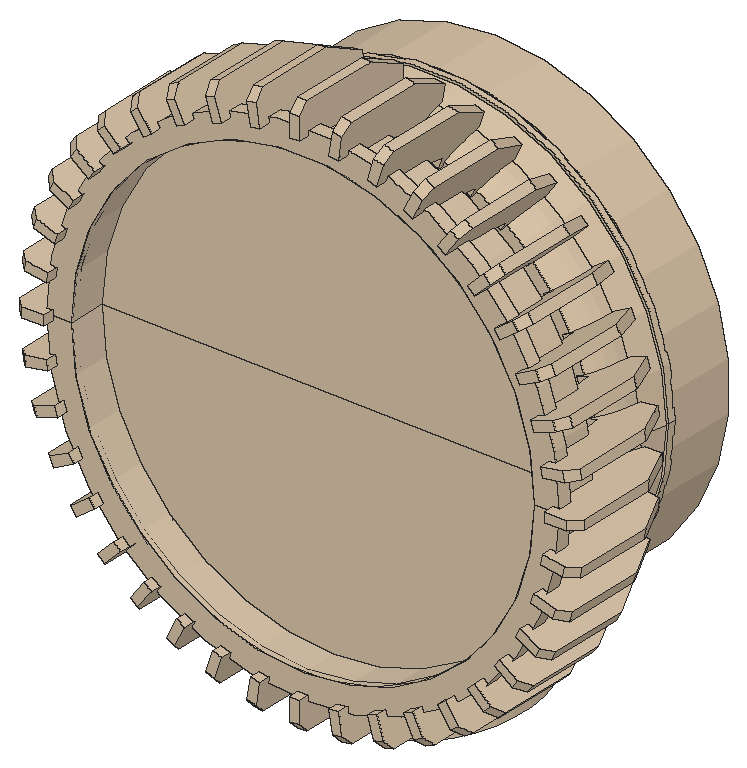
Revit family "KHL_Kemlu-Wall_Mount", category Lighting Fixtures, host Face, Revit 2021
Family settings
  Host = Face
  Round Connector Dimension = Use Diameter
  Part Type = Normal
  OmniClass Number = 23.80.70.14
  OmniClass Title = Luminaries for External Lighting
  Cut with Voids When Loaded = No
  Light Source = Yes
  Shared = No
  Room Calculation Point = No
Parameters (values of type "KHL-18L-X-5K-5M")
  Wattage Comments = "43 Watts, 18 LEDs"
  Wattage = 43 W
  Watt = 43 W
  built-in parameter 1150110 = 1 (stored number, unit not read)
  Voltage = 277 V
  URL = "www.currentlighting.com/columbialighting"
  built-in parameter 1114217 = 1 (stored number, unit not read)
  Tilt Angle = -90.00°
  built-in parameter 1150109 = 1 (stored number, unit not read)
  built-in parameter 1150134 = 2
  built-in parameter 1150113 = 1 (stored number, unit not read)
  Product Page URL = ""
  Product Documentation Link = ""
  Power Factor = 1
  Photometric Web File = "KXL-18L-X-5K-5M.ies"
  Optics = "Type V Square"
  Model = "KHL - Kemlux III LED"  # constant formula
  Material Finish = Tan
  Manufacturer = "Columbia Lighting"  # constant formula
  built-in parameter 1150105 = 345.6 (stored number, unit not read)
  Lumens = 4343 lm
  built-in parameter 1150115 = 1 (stored number, unit not read)
  Load Classification = Lighting
  built-in parameter 1150137 = (empty or 0)
  built-in parameter 1150139 = (empty or 0)
  built-in parameter 1150112 = 1 (stored number, unit not read)
  built-in parameter 1150114 = 1 (stored number, unit not read)
  Lamp = "18 High Performanc LEDs"
  built-in parameter 1150132 = (empty or 0)
  built-in parameter 1150102 = (empty or 0)
  built-in parameter 1150107 = 5000 (stored number, unit not read)
  built-in parameter 1150138 = (empty or 0)
  built-in parameter 1150106 = 3.456 (stored number, unit not read)
  Glass = White Glass
  Emit from Circle Diameter = 0' - 11"
  Emit Shape Visible in Rendering = no
  built-in parameter 1150104 = 9.3832 (stored number, unit not read)
  Dimming Lamp Color Temperature Shift = <None>
  Description = "Class I, Division 2 LED Fixture Series"  # constant formula
  Default Elevation = 4' - 0"
  Color Filter = 16777215
  built-in parameter 1114218 = 1 (stored number, unit not read)
  built-in parameter 1150133 = 10 (stored number, unit not read)
  Apparent Load = Watt / Power Factor  # 43 VA
Reference planes (in)
  plane 1 "Center (Front/Back)": y = 0
  plane 2: z = 0
  plane 3 "Center (Left/Right)": x = 0
  plane 4: y = 1.125
  plane 5: y = -0.625
  plane 6: y = 2.5
  plane 7: y = -2.5
  plane 8: z = 1
  plane 9: z = 8.5
  plane 10: x = -1.25
  plane 11: x = 1.25
  plane 12: x = -0.5
  plane 13: x = 0.5
Forms (in)
  Extrusion 1, solid, material "Tan" <- "Material Finish"
    sketch origin (0, 0, 0) x (1, 0, 0) y (0, 1, 0)
      loop
        spline (0, -2.5) -> (0.42151, -2.41481) -> (0.8143, -2.16506) -> (1.1516, -1.76777) -> (1.41042, -1.25) -> (1.57311, -0.64705) -> (1.62861, 0) -> (1.57311, 0.64705) -> (1.41042, 1.25) -> (1.1516, 1.76777) -> (0.8143, 2.16506) -> (0.42151, 2.41481) -> (0, 2.5)
        spline (0, 2.5) -> (-0.42151, 2.41481) -> (-0.8143, 2.16506) -> (-1.1516, 1.76777) -> (-1.41042, 1.25) -> (-1.57311, 0.64705) -> (-1.62861, 0) -> (-1.57311, -0.64705) -> (-1.41042, -1.25) -> (-1.1516, -1.76777) -> (-0.8143, -2.16506) -> (-0.42151, -2.41481) -> (0, -2.5)
    from 0 to 1
  Extrusion 2, solid, material "Tan" <- "Material Finish"
    sketch origin (0, 0, 0) x (1, 0, 0) y (0, 0, 1)
      loop
        arc (1.25, 2.63165) -> (0, 14.5) -> (-1.25, 2.63165) r 6
        line (-1.25, 2.63165) -> (-1.25, 1) -> (1.25, 1) -> (1.25, 2.63165)
    from 0.625 to -1.125
  Extrusion 3, solid, material "Tan" <- "Material Finish"
    sketch origin (0, 0, 0) x (0, 1, 0) y (0, 0, 1)
      loop
        line (-0.625, 2.25) -> (-1.875, 1) -> (-0.625, 1) -> (-0.625, 2.25)
    from 0.5 to -0.5
Lines and regions (in)
  reference lines
    curve 1: line (-5.55547, 0, 5.53932) -> (10.19453, 0, 5.53932)
    curve 2: line (7.29478, 0, 7.53677) -> (-0.62911, 0, -2.76915)
Dimensions and locks (in)
  equal spacing: plane 6, plane 1 "Center (Front/Back)", plane 7, locked at 2.5 each
  locked: plane 8 to plane 2 at 1
  locked: plane 4 to plane 5 at 1.75
  locked: plane 4 to plane 1 "Center (Front/Back)" at 1.125
  plane 1 "Center (Front/Back)" to plane 6 = 0' - 2 1/2"
  locked: plane 9 to plane 8 at 7.5
  equal spacing: plane 11, plane 3 "Center (Left/Right)", plane 10, locked at 1.25 each
  equal spacing: plane 13, plane 3 "Center (Left/Right)", plane 12, locked at 0.5 each
  radius of Extrusion 2 sketch curve = 0' - 6"
  aligned and locked: plane 2 to host face
  aligned and locked: level to host face
  aligned and locked: plane 1 "Center (Front/Back)" to Extrusion 1 sketch curve
  aligned and locked: plane 3 "Center (Left/Right)" to Extrusion 1 sketch curve
  aligned and locked: plane 8 to Extrusion 1
  aligned and locked: Extrusion 1 to plane 2
  aligned and locked: plane 3 "Center (Left/Right)" to Extrusion 2 sketch curve
  aligned and locked: Extrusion 2 sketch curve to plane 8
  aligned and locked: plane 4 to Extrusion 2
  aligned and locked: plane 5 to Extrusion 2
  aligned and locked: plane 9 to Extrusion 2 sketch curve
  aligned and locked: Extrusion 2 sketch curve to plane 10
  aligned and locked: plane 11 to Extrusion 2 sketch curve
  aligned and locked: plane 3 "Center (Left/Right)" to nested 1
  aligned and locked: nested 1 to plane 9
  aligned and locked: Extrusion 3 to plane 12
  aligned and locked: Extrusion 3 to plane 13
  aligned and locked: plane 9 to imposter light
  aligned and locked: imposter light to nested 1
  aligned and locked: imposter light to plane 3 "Center (Left/Right)"
Automatic sketch dimensions
  host sketch curve to host sketch curve = 8' - 0"  (x2)
  curve 1 to plane 3 "Center (Left/Right)" = 0' - 5.55547"
  curve 2 to plane 3 "Center (Left/Right)" = 0' - 0.62911"
  curve 2 to level = 0' - 2.76915"
  level to curve 1 = 0' - 5.53932"
  curve 1 to curve 2 = 0' - 1.99745"
  plane 3 "Center (Left/Right)" to curve 2 = 0' - 7.29478"
  curve 2 to curve 1 = 0' - 2.89976"
  plane 7 to Extrusion 1 sketch curve = 0' - 0"
  Extrusion 3 sketch curve to plane 8 = 0' - 0"
  Extrusion 3 sketch curve to plane 7 = 0' - 0 5/8"
  Extrusion 3 sketch curve to plane 5 = 0' - 0"
  plane 8 to Extrusion 3 sketch curve = 0' - 1 1/4"
Nested families (in)
  nested 1: "KHL" at (0, -0.625, 8.5) x (1, 0, 0) z (0, -1, 0), type "KHL"
Connectors (in)
  electrical at (0, 0, 0), driven by "Load Classification", driven by "Voltage", driven by "Apparent Load", driven by "Power Factor"
    settings: on Extrusion 1, index 1, voltage 277 V, apparent load 43 VA, apparent load phase1 0 VA, apparent load phase2 0 VA, apparent load phase3 0 VA, power factor 1, load classification "Lighting", number of poles 1, system type 30, power factor state 1, is connector primary yes, connector utility no, sub classification motor no, connector description "Lighting Connector"
Definition of nested family "KHL"
  Parameters
    Wattage Comments = ""
    URL = ""
    Model = ""
    Material Finish = none
    Manufacturer = ""
    Lamp = ""
    IES FILE LINK = ""
    Glass = none
    Description = ""
    Default Elevation = 4' - 0"
    Apparent Load = 0 VA
  Reference planes (in)
    plane 1 "Center (Front/Back)": y = 0
    plane 2: z = 0
    plane 3 "Center (Left/Right)": x = 0
    plane 4: x = -7.25
    plane 5: x = 7.25
    plane 6: x = -5.5
    plane 7: x = 5.5
  Forms (in)
    Extrusion 1, solid
      sketch origin (0, 0, 0) x (1, 0, 0) y (0, 1, 0)
        loop
          line (-48, 48) -> (-48, -48) -> (48, -48) -> (48, 48) -> (-48, 48)
      from 0 to -12
    Revolve 2, solid, material <- "Material Finish"
      sketch origin (0, 0, -1.3125) x (1, 0, 0) y (0, 0, 1)
        loop
          line (5.73742, 2.6875) -> (6.24933, 2.6875)
          arc (6.24933, 2.6875) -> (6.15662, 3.19814) -> (5.89032, 3.6436) r 1.45262
          line (5.89032, 3.6436) -> (5.5, 3.6436) -> (5.5, 4.37254) -> (6.34375, 4.37254) -> (6.34375, 5.37007) -> (6.59375, 5.37007) -> (6.59375, 5.71977) -> (5.95302, 5.71977) -> (5.95302, 4.75) -> (0, 4.75) -> (0, 1.3125) -> (6, 1.3125) -> (6, 1.47979) -> (5.5, 1.47979) -> (5.5, 1.5625) -> (5.99031, 1.5625) -> (5.73742, 2.6875)
        axis (0, 5.71977) -> (0, 1.3125)
      angle from 0 to 360
    Extrusion 3, solid, material <- "Glass"
      sketch origin (0, 0, -1.3125) x (1, 0, 0) y (0, 1, 0)
        loop
          circle (0, 0) r 5.95302
      from 5.71977 to 5.56262
    Extrusion 4, solid, material <- "Material Finish"
      sketch origin (0, 0, -1.3125) x (1, 0, 0) y (0, 0, 1)
        loop
          line (6.42821, 6) -> (6.42821, 5.66655) -> (6.045, 3.7335) -> (5.75, 3.7335) -> (5.75, 3.06247) -> (6.1875, 3.06247) -> (6.31956, 2.66852) -> (6.75, 2.66852) -> (7.25, 3.69367) -> (7.25, 5.75) -> (7, 6) -> (6.42821, 6)
      from 0.125 to -0.125
    Extrusion 5, solid, material <- "Material Finish"
      sketch origin (0, 0, -1.3125) x (0.987688, -0.156434, 0) y (0, 0, 1)
        loop
          line (6.42821, 6) -> (6.42821, 5.66655) -> (6.045, 3.7335) -> (5.75, 3.7335) -> (5.75, 3.06247) -> (6.1875, 3.06247) -> (6.31956, 2.66852) -> (6.75, 2.66852) -> (7.25, 3.69367) -> (7.25, 5.75) -> (7, 6) -> (6.42821, 6)
      from 0.125 to -0.125
    Extrusion 6, solid, material <- "Material Finish"
      sketch origin (0, 0, -1.3125) x (0.951057, -0.309017, 0) y (0, 0, 1)
        loop
          line (6.42821, 6) -> (6.42821, 5.66655) -> (6.045, 3.7335) -> (5.75, 3.7335) -> (5.75, 3.06247) -> (6.1875, 3.06247) -> (6.31956, 2.66852) -> (6.75, 2.66852) -> (7.25, 3.69367) -> (7.25, 5.75) -> (7, 6) -> (6.42821, 6)
      from 0.125 to -0.125
    Extrusion 7, solid, material <- "Material Finish"
      sketch origin (0, 0, -1.3125) x (0.891007, -0.45399, 0) y (0, 0, 1)
        loop
          line (6.42821, 6) -> (6.42821, 5.66655) -> (6.045, 3.7335) -> (5.75, 3.7335) -> (5.75, 3.06247) -> (6.1875, 3.06247) -> (6.31956, 2.66852) -> (6.75, 2.66852) -> (7.25, 3.69367) -> (7.25, 5.75) -> (7, 6) -> (6.42821, 6)
      from 0.125 to -0.125
    Extrusion 8, solid, material <- "Material Finish"
      sketch origin (0, 0, -1.3125) x (0.809017, -0.587785, 0) y (0, 0, 1)
        loop
          line (6.42821, 6) -> (6.42821, 5.66655) -> (6.045, 3.7335) -> (5.75, 3.7335) -> (5.75, 3.06247) -> (6.1875, 3.06247) -> (6.31956, 2.66852) -> (6.75, 2.66852) -> (7.25, 3.69367) -> (7.25, 5.75) -> (7, 6) -> (6.42821, 6)
      from 0.125 to -0.125
    Extrusion 9, solid, material <- "Material Finish"
      sketch origin (0, 0, -1.3125) x (0.707107, -0.707107, 0) y (0, 0, 1)
        loop
          line (6.42821, 6) -> (6.42821, 5.66655) -> (6.045, 3.7335) -> (5.75, 3.7335) -> (5.75, 3.06247) -> (6.1875, 3.06247) -> (6.31956, 2.66852) -> (6.75, 2.66852) -> (7.25, 3.69367) -> (7.25, 5.75) -> (7, 6) -> (6.42821, 6)
      from 0.125 to -0.125
    Extrusion 10, solid, material <- "Material Finish"
      sketch origin (0, 0, -1.3125) x (0.587785, -0.809017, 0) y (0, 0, 1)
        loop
          line (6.42821, 6) -> (6.42821, 5.66655) -> (6.045, 3.7335) -> (5.75, 3.7335) -> (5.75, 3.06247) -> (6.1875, 3.06247) -> (6.31956, 2.66852) -> (6.75, 2.66852) -> (7.25, 3.69367) -> (7.25, 5.75) -> (7, 6) -> (6.42821, 6)
      from 0.125 to -0.125
    Extrusion 11, solid, material <- "Material Finish"
      sketch origin (0, 0, -1.3125) x (0.45399, -0.891007, 0) y (0, 0, 1)
        loop
          line (6.42821, 6) -> (6.42821, 5.66655) -> (6.045, 3.7335) -> (5.75, 3.7335) -> (5.75, 3.06247) -> (6.1875, 3.06247) -> (6.31956, 2.66852) -> (6.75, 2.66852) -> (7.25, 3.69367) -> (7.25, 5.75) -> (7, 6) -> (6.42821, 6)
      from 0.125 to -0.125
    Extrusion 12, solid, material <- "Material Finish"
      sketch origin (0, 0, -1.3125) x (0.309017, -0.951057, 0) y (0, 0, 1)
        loop
          line (6.42821, 6) -> (6.42821, 5.66655) -> (6.045, 3.7335) -> (5.75, 3.7335) -> (5.75, 3.06247) -> (6.1875, 3.06247) -> (6.31956, 2.66852) -> (6.75, 2.66852) -> (7.25, 3.69367) -> (7.25, 5.75) -> (7, 6) -> (6.42821, 6)
      from 0.125 to -0.125
    Extrusion 13, solid, material <- "Material Finish"
      sketch origin (0, 0, -1.3125) x (0.156434, -0.987688, 0) y (0, 0, 1)
        loop
          line (6.42821, 6) -> (6.42821, 5.66655) -> (6.045, 3.7335) -> (5.75, 3.7335) -> (5.75, 3.06247) -> (6.1875, 3.06247) -> (6.31956, 2.66852) -> (6.75, 2.66852) -> (7.25, 3.69367) -> (7.25, 5.75) -> (7, 6) -> (6.42821, 6)
      from 0.125 to -0.125
    Extrusion 14, solid, material <- "Material Finish"
      sketch origin (0, 0, -1.3125) x (0, -1, 0) y (0, 0, 1)
        loop
          line (6.42821, 6) -> (6.42821, 5.66655) -> (6.045, 3.7335) -> (5.75, 3.7335) -> (5.75, 3.06247) -> (6.1875, 3.06247) -> (6.31956, 2.66852) -> (6.75, 2.66852) -> (7.25, 3.69367) -> (7.25, 5.75) -> (7, 6) -> (6.42821, 6)
      from 0.125 to -0.125
    Extrusion 15, solid, material <- "Material Finish"
      sketch origin (0, 0, -1.3125) x (-0.156434, -0.987688, 0) y (0, 0, 1)
        loop
          line (6.42821, 6) -> (6.42821, 5.66655) -> (6.045, 3.7335) -> (5.75, 3.7335) -> (5.75, 3.06247) -> (6.1875, 3.06247) -> (6.31956, 2.66852) -> (6.75, 2.66852) -> (7.25, 3.69367) -> (7.25, 5.75) -> (7, 6) -> (6.42821, 6)
      from 0.125 to -0.125
    Extrusion 16, solid, material <- "Material Finish"
      sketch origin (0, 0, -1.3125) x (-0.309017, -0.951057, 0) y (0, 0, 1)
        loop
          line (6.42821, 6) -> (6.42821, 5.66655) -> (6.045, 3.7335) -> (5.75, 3.7335) -> (5.75, 3.06247) -> (6.1875, 3.06247) -> (6.31956, 2.66852) -> (6.75, 2.66852) -> (7.25, 3.69367) -> (7.25, 5.75) -> (7, 6) -> (6.42821, 6)
      from 0.125 to -0.125
    Extrusion 17, solid, material <- "Material Finish"
      sketch origin (0, 0, -1.3125) x (-0.45399, -0.891007, 0) y (0, 0, 1)
        loop
          line (6.42821, 6) -> (6.42821, 5.66655) -> (6.045, 3.7335) -> (5.75, 3.7335) -> (5.75, 3.06247) -> (6.1875, 3.06247) -> (6.31956, 2.66852) -> (6.75, 2.66852) -> (7.25, 3.69367) -> (7.25, 5.75) -> (7, 6) -> (6.42821, 6)
      from 0.125 to -0.125
    Extrusion 18, solid, material <- "Material Finish"
      sketch origin (0, 0, -1.3125) x (-0.587785, -0.809017, 0) y (0, 0, 1)
        loop
          line (6.42821, 6) -> (6.42821, 5.66655) -> (6.045, 3.7335) -> (5.75, 3.7335) -> (5.75, 3.06247) -> (6.1875, 3.06247) -> (6.31956, 2.66852) -> (6.75, 2.66852) -> (7.25, 3.69367) -> (7.25, 5.75) -> (7, 6) -> (6.42821, 6)
      from 0.125 to -0.125
    Extrusion 19, solid, material <- "Material Finish"
      sketch origin (0, 0, -1.3125) x (-0.707107, -0.707107, 0) y (0, 0, 1)
        loop
          line (6.42821, 6) -> (6.42821, 5.66655) -> (6.045, 3.7335) -> (5.75, 3.7335) -> (5.75, 3.06247) -> (6.1875, 3.06247) -> (6.31956, 2.66852) -> (6.75, 2.66852) -> (7.25, 3.69367) -> (7.25, 5.75) -> (7, 6) -> (6.42821, 6)
      from 0.125 to -0.125
    Extrusion 20, solid, material <- "Material Finish"
      sketch origin (0, 0, -1.3125) x (-0.809017, -0.587785, 0) y (0, 0, 1)
        loop
          line (6.42821, 6) -> (6.42821, 5.66655) -> (6.045, 3.7335) -> (5.75, 3.7335) -> (5.75, 3.06247) -> (6.1875, 3.06247) -> (6.31956, 2.66852) -> (6.75, 2.66852) -> (7.25, 3.69367) -> (7.25, 5.75) -> (7, 6) -> (6.42821, 6)
      from 0.125 to -0.125
    Extrusion 21, solid, material <- "Material Finish"
      sketch origin (0, 0, -1.3125) x (-0.891007, -0.45399, 0) y (0, 0, 1)
        loop
          line (6.42821, 6) -> (6.42821, 5.66655) -> (6.045, 3.7335) -> (5.75, 3.7335) -> (5.75, 3.06247) -> (6.1875, 3.06247) -> (6.31956, 2.66852) -> (6.75, 2.66852) -> (7.25, 3.69367) -> (7.25, 5.75) -> (7, 6) -> (6.42821, 6)
      from 0.125 to -0.125
    Extrusion 22, solid, material <- "Material Finish"
      sketch origin (0, 0, -1.3125) x (-0.951057, -0.309017, 0) y (0, 0, 1)
        loop
          line (6.42821, 6) -> (6.42821, 5.66655) -> (6.045, 3.7335) -> (5.75, 3.7335) -> (5.75, 3.06247) -> (6.1875, 3.06247) -> (6.31956, 2.66852) -> (6.75, 2.66852) -> (7.25, 3.69367) -> (7.25, 5.75) -> (7, 6) -> (6.42821, 6)
      from 0.125 to -0.125
    Extrusion 23, solid, material <- "Material Finish"
      sketch origin (0, 0, -1.3125) x (-0.987688, -0.156434, 0) y (0, 0, 1)
        loop
          line (6.42821, 6) -> (6.42821, 5.66655) -> (6.045, 3.7335) -> (5.75, 3.7335) -> (5.75, 3.06247) -> (6.1875, 3.06247) -> (6.31956, 2.66852) -> (6.75, 2.66852) -> (7.25, 3.69367) -> (7.25, 5.75) -> (7, 6) -> (6.42821, 6)
      from 0.125 to -0.125
    Extrusion 24, solid, material <- "Material Finish"
      sketch origin (0, 0, -1.3125) x (-1, 0, 0) y (0, 0, 1)
        loop
          line (6.42821, 6) -> (6.42821, 5.66655) -> (6.045, 3.7335) -> (5.75, 3.7335) -> (5.75, 3.06247) -> (6.1875, 3.06247) -> (6.31956, 2.66852) -> (6.75, 2.66852) -> (7.25, 3.69367) -> (7.25, 5.75) -> (7, 6) -> (6.42821, 6)
      from 0.125 to -0.125
    Extrusion 25, solid, material <- "Material Finish"
      sketch origin (0, 0, -1.3125) x (-0.987688, 0.156434, 0) y (0, 0, 1)
        loop
          line (6.42821, 6) -> (6.42821, 5.66655) -> (6.045, 3.7335) -> (5.75, 3.7335) -> (5.75, 3.06247) -> (6.1875, 3.06247) -> (6.31956, 2.66852) -> (6.75, 2.66852) -> (7.25, 3.69367) -> (7.25, 5.75) -> (7, 6) -> (6.42821, 6)
      from 0.125 to -0.125
    Extrusion 26, solid, material <- "Material Finish"
      sketch origin (0, 0, -1.3125) x (-0.951057, 0.309017, 0) y (0, 0, 1)
        loop
          line (6.42821, 6) -> (6.42821, 5.66655) -> (6.045, 3.7335) -> (5.75, 3.7335) -> (5.75, 3.06247) -> (6.1875, 3.06247) -> (6.31956, 2.66852) -> (6.75, 2.66852) -> (7.25, 3.69367) -> (7.25, 5.75) -> (7, 6) -> (6.42821, 6)
      from 0.125 to -0.125
    Extrusion 27, solid, material <- "Material Finish"
      sketch origin (0, 0, -1.3125) x (-0.891007, 0.45399, 0) y (0, 0, 1)
        loop
          line (6.42821, 6) -> (6.42821, 5.66655) -> (6.045, 3.7335) -> (5.75, 3.7335) -> (5.75, 3.06247) -> (6.1875, 3.06247) -> (6.31956, 2.66852) -> (6.75, 2.66852) -> (7.25, 3.69367) -> (7.25, 5.75) -> (7, 6) -> (6.42821, 6)
      from 0.125 to -0.125
    Extrusion 28, solid, material <- "Material Finish"
      sketch origin (0, 0, -1.3125) x (-0.809017, 0.587785, 0) y (0, 0, 1)
        loop
          line (6.42821, 6) -> (6.42821, 5.66655) -> (6.045, 3.7335) -> (5.75, 3.7335) -> (5.75, 3.06247) -> (6.1875, 3.06247) -> (6.31956, 2.66852) -> (6.75, 2.66852) -> (7.25, 3.69367) -> (7.25, 5.75) -> (7, 6) -> (6.42821, 6)
      from 0.125 to -0.125
    Extrusion 29, solid, material <- "Material Finish"
      sketch origin (0, 0, -1.3125) x (-0.707107, 0.707107, 0) y (0, 0, 1)
        loop
          line (6.42821, 6) -> (6.42821, 5.66655) -> (6.045, 3.7335) -> (5.75, 3.7335) -> (5.75, 3.06247) -> (6.1875, 3.06247) -> (6.31956, 2.66852) -> (6.75, 2.66852) -> (7.25, 3.69367) -> (7.25, 5.75) -> (7, 6) -> (6.42821, 6)
      from 0.125 to -0.125
    Extrusion 30, solid, material <- "Material Finish"
      sketch origin (0, 0, -1.3125) x (-0.587785, 0.809017, 0) y (0, 0, 1)
        loop
          line (6.42821, 6) -> (6.42821, 5.66655) -> (6.045, 3.7335) -> (5.75, 3.7335) -> (5.75, 3.06247) -> (6.1875, 3.06247) -> (6.31956, 2.66852) -> (6.75, 2.66852) -> (7.25, 3.69367) -> (7.25, 5.75) -> (7, 6) -> (6.42821, 6)
      from 0.125 to -0.125
    Extrusion 31, solid, material <- "Material Finish"
      sketch origin (0, 0, -1.3125) x (-0.45399, 0.891007, 0) y (0, 0, 1)
        loop
          line (6.42821, 6) -> (6.42821, 5.66655) -> (6.045, 3.7335) -> (5.75, 3.7335) -> (5.75, 3.06247) -> (6.1875, 3.06247) -> (6.31956, 2.66852) -> (6.75, 2.66852) -> (7.25, 3.69367) -> (7.25, 5.75) -> (7, 6) -> (6.42821, 6)
      from 0.125 to -0.125
    Extrusion 32, solid, material <- "Material Finish"
      sketch origin (0, 0, -1.3125) x (-0.309017, 0.951057, 0) y (0, 0, 1)
        loop
          line (6.42821, 6) -> (6.42821, 5.66655) -> (6.045, 3.7335) -> (5.75, 3.7335) -> (5.75, 3.06247) -> (6.1875, 3.06247) -> (6.31956, 2.66852) -> (6.75, 2.66852) -> (7.25, 3.69367) -> (7.25, 5.75) -> (7, 6) -> (6.42821, 6)
      from 0.125 to -0.125
    Extrusion 33, solid, material <- "Material Finish"
      sketch origin (0, 0, -1.3125) x (-0.156434, 0.987688, 0) y (0, 0, 1)
        loop
          line (6.42821, 6) -> (6.42821, 5.66655) -> (6.045, 3.7335) -> (5.75, 3.7335) -> (5.75, 3.06247) -> (6.1875, 3.06247) -> (6.31956, 2.66852) -> (6.75, 2.66852) -> (7.25, 3.69367) -> (7.25, 5.75) -> (7, 6) -> (6.42821, 6)
      from 0.125 to -0.125
    Extrusion 34, solid, material <- "Material Finish"
      sketch origin (0, 0, -1.3125) x (0, 1, 0) y (0, 0, 1)
        loop
          line (6.42821, 6) -> (6.42821, 5.66655) -> (6.045, 3.7335) -> (5.75, 3.7335) -> (5.75, 3.06247) -> (6.1875, 3.06247) -> (6.31956, 2.66852) -> (6.75, 2.66852) -> (7.25, 3.69367) -> (7.25, 5.75) -> (7, 6) -> (6.42821, 6)
      from 0.125 to -0.125
    Extrusion 35, solid, material <- "Material Finish"
      sketch origin (0, 0, -1.3125) x (0.156434, 0.987688, 0) y (0, 0, 1)
        loop
          line (6.42821, 6) -> (6.42821, 5.66655) -> (6.045, 3.7335) -> (5.75, 3.7335) -> (5.75, 3.06247) -> (6.1875, 3.06247) -> (6.31956, 2.66852) -> (6.75, 2.66852) -> (7.25, 3.69367) -> (7.25, 5.75) -> (7, 6) -> (6.42821, 6)
      from 0.125 to -0.125
    Extrusion 36, solid, material <- "Material Finish"
      sketch origin (0, 0, -1.3125) x (0.309017, 0.951057, 0) y (0, 0, 1)
        loop
          line (6.42821, 6) -> (6.42821, 5.66655) -> (6.045, 3.7335) -> (5.75, 3.7335) -> (5.75, 3.06247) -> (6.1875, 3.06247) -> (6.31956, 2.66852) -> (6.75, 2.66852) -> (7.25, 3.69367) -> (7.25, 5.75) -> (7, 6) -> (6.42821, 6)
      from 0.125 to -0.125
    Extrusion 37, solid, material <- "Material Finish"
      sketch origin (0, 0, -1.3125) x (0.45399, 0.891007, 0) y (0, 0, 1)
        loop
          line (6.42821, 6) -> (6.42821, 5.66655) -> (6.045, 3.7335) -> (5.75, 3.7335) -> (5.75, 3.06247) -> (6.1875, 3.06247) -> (6.31956, 2.66852) -> (6.75, 2.66852) -> (7.25, 3.69367) -> (7.25, 5.75) -> (7, 6) -> (6.42821, 6)
      from 0.125 to -0.125
    Extrusion 38, solid, material <- "Material Finish"
      sketch origin (0, 0, -1.3125) x (0.587785, 0.809017, 0) y (0, 0, 1)
        loop
          line (6.42821, 6) -> (6.42821, 5.66655) -> (6.045, 3.7335) -> (5.75, 3.7335) -> (5.75, 3.06247) -> (6.1875, 3.06247) -> (6.31956, 2.66852) -> (6.75, 2.66852) -> (7.25, 3.69367) -> (7.25, 5.75) -> (7, 6) -> (6.42821, 6)
      from 0.125 to -0.125
    Extrusion 39, solid, material <- "Material Finish"
      sketch origin (0, 0, -1.3125) x (0.707107, 0.707107, 0) y (0, 0, 1)
        loop
          line (6.42821, 6) -> (6.42821, 5.66655) -> (6.045, 3.7335) -> (5.75, 3.7335) -> (5.75, 3.06247) -> (6.1875, 3.06247) -> (6.31956, 2.66852) -> (6.75, 2.66852) -> (7.25, 3.69367) -> (7.25, 5.75) -> (7, 6) -> (6.42821, 6)
      from 0.125 to -0.125
    Extrusion 40, solid, material <- "Material Finish"
      sketch origin (0, 0, -1.3125) x (0.809017, 0.587785, 0) y (0, 0, 1)
        loop
          line (6.42821, 6) -> (6.42821, 5.66655) -> (6.045, 3.7335) -> (5.75, 3.7335) -> (5.75, 3.06247) -> (6.1875, 3.06247) -> (6.31956, 2.66852) -> (6.75, 2.66852) -> (7.25, 3.69367) -> (7.25, 5.75) -> (7, 6) -> (6.42821, 6)
      from 0.125 to -0.125
    Extrusion 41, solid, material <- "Material Finish"
      sketch origin (0, 0, -1.3125) x (0.891007, 0.45399, 0) y (0, 0, 1)
        loop
          line (6.42821, 6) -> (6.42821, 5.66655) -> (6.045, 3.7335) -> (5.75, 3.7335) -> (5.75, 3.06247) -> (6.1875, 3.06247) -> (6.31956, 2.66852) -> (6.75, 2.66852) -> (7.25, 3.69367) -> (7.25, 5.75) -> (7, 6) -> (6.42821, 6)
      from 0.125 to -0.125
    Extrusion 42, solid, material <- "Material Finish"
      sketch origin (0, 0, -1.3125) x (0.951057, 0.309017, 0) y (0, 0, 1)
        loop
          line (6.42821, 6) -> (6.42821, 5.66655) -> (6.045, 3.7335) -> (5.75, 3.7335) -> (5.75, 3.06247) -> (6.1875, 3.06247) -> (6.31956, 2.66852) -> (6.75, 2.66852) -> (7.25, 3.69367) -> (7.25, 5.75) -> (7, 6) -> (6.42821, 6)
      from 0.125 to -0.125
    Extrusion 43, solid, material <- "Material Finish"
      sketch origin (0, 0, -1.3125) x (0.987688, 0.156434, 0) y (0, 0, 1)
        loop
          line (6.42821, 6) -> (6.42821, 5.66655) -> (6.045, 3.7335) -> (5.75, 3.7335) -> (5.75, 3.06247) -> (6.1875, 3.06247) -> (6.31956, 2.66852) -> (6.75, 2.66852) -> (7.25, 3.69367) -> (7.25, 5.75) -> (7, 6) -> (6.42821, 6)
      from 0.125 to -0.125
  Lines and regions (in)
    reference lines
      curve 1: line (5.95302, 0, 4.75) -> (0, 0, 4.75)
      curve 2: line (5.95302, 0, 5.92266) -> (5.95302, 0, 4.75)
      curve 3: line (6.59375, 0, 5.37007) -> (6.59375, 0, 5.92266)
      curve 4: line (6.34375, 0, 5.37007) -> (6.59375, 0, 5.37007)
      curve 5: line (6.34375, 0, 4.37254) -> (5.5, 0, 4.37254)
      curve 6: line (6.34375, 0, 4.37254) -> (6.34375, 0, 5.37007)
      curve 7: arc (6.25, 0, 2.75) -> (6.14885, 0, 3.28681) -> (5.85927, 0, 3.75) r 1.47501
      curve 8: line (5.85927, 0, 2.75) -> (6.25, 0, 2.75)
      curve 9: line (5.85927, 0, 2.75) -> (5.85927, 0, 1.75)
      curve 10: line (5.85927, 0, 1.75) -> (4.74529, 0, 1.75)
      curve 11: line (5.85927, 0, 3.75) -> (4.8978, 0, 3.75)
      curve 12: line (5.10824, 0, 5.71977) -> (6.99125, 0, 5.71977)
  Dimensions and locks (in)
    equal spacing: plane 5, plane 3 "Center (Left/Right)", plane 4
    locked: plane 5 to plane 4 at 14.5
    equal spacing: plane 7, plane 3 "Center (Left/Right)", plane 6, locked at 5.5 each
    aligned and locked: plane 2 to Extrusion 1
    aligned and locked: level to Extrusion 1
    aligned and locked: Extrusion 3 sketch curve to Revolve 2
  Automatic sketch dimensions
    Extrusion 4 sketch curve to Extrusion 4 sketch curve = 0' - 0 7/16"
    Extrusion 4 sketch curve to Extrusion 4 sketch curve = 0' - 0.13206"
    Extrusion 4 sketch curve to Extrusion 4 sketch curve = 0' - 0.295"
    Extrusion 4 sketch curve to Extrusion 4 sketch curve = 0' - 0.38321"
    Extrusion 4 sketch curve to Extrusion 4 sketch curve = 0' - 0.43044"
    Extrusion 4 sketch curve to Extrusion 4 sketch curve = 0' - 0.57179"
    Extrusion 4 sketch curve to Extrusion 4 sketch curve = 0' - 0 1/4"  (x2)
    Extrusion 4 sketch curve to Extrusion 4 sketch curve = 0' - 0.39395"
    Extrusion 4 sketch curve to Extrusion 4 sketch curve = 0' - 1.02515"
    Extrusion 4 sketch curve to Extrusion 4 sketch curve = 0' - 0.67103"
    Extrusion 4 sketch curve to Extrusion 4 sketch curve = 0' - 1.93305"
    Extrusion 4 sketch curve to Extrusion 4 sketch curve = 0' - 0.08345"
    Extrusion 5 sketch curve to Extrusion 5 sketch curve = 0' - 0 7/16"
    Extrusion 5 sketch curve to Extrusion 5 sketch curve = 0' - 0.13206"
    Extrusion 5 sketch curve to Extrusion 5 sketch curve = 0' - 0.295"
    Extrusion 5 sketch curve to Extrusion 5 sketch curve = 0' - 0.38321"
    Extrusion 5 sketch curve to Extrusion 5 sketch curve = 0' - 0.43044"
    Extrusion 5 sketch curve to Extrusion 5 sketch curve = 0' - 0.57179"
    Extrusion 5 sketch curve to Extrusion 5 sketch curve = 0' - 0 1/4"  (x2)
    Extrusion 5 sketch curve to Extrusion 5 sketch curve = 0' - 0.39395"
    Extrusion 5 sketch curve to Extrusion 5 sketch curve = 0' - 1.02515"
    Extrusion 5 sketch curve to Extrusion 5 sketch curve = 0' - 0.67103"
    Extrusion 5 sketch curve to Extrusion 5 sketch curve = 0' - 1.93305"
    Extrusion 5 sketch curve to Extrusion 5 sketch curve = 0' - 0.08345"
    Extrusion 6 sketch curve to Extrusion 6 sketch curve = 0' - 0 7/16"
    Extrusion 6 sketch curve to Extrusion 6 sketch curve = 0' - 0.13206"
    Extrusion 6 sketch curve to Extrusion 6 sketch curve = 0' - 0.295"
    Extrusion 6 sketch curve to Extrusion 6 sketch curve = 0' - 0.38321"
    Extrusion 6 sketch curve to Extrusion 6 sketch curve = 0' - 0.43044"
    Extrusion 6 sketch curve to Extrusion 6 sketch curve = 0' - 0.57179"
    Extrusion 6 sketch curve to Extrusion 6 sketch curve = 0' - 0 1/4"  (x2)
    Extrusion 6 sketch curve to Extrusion 6 sketch curve = 0' - 0.39395"
    Extrusion 6 sketch curve to Extrusion 6 sketch curve = 0' - 1.02515"
    Extrusion 6 sketch curve to Extrusion 6 sketch curve = 0' - 0.67103"
    Extrusion 6 sketch curve to Extrusion 6 sketch curve = 0' - 1.93305"
    Extrusion 6 sketch curve to Extrusion 6 sketch curve = 0' - 0.08345"
    Extrusion 7 sketch curve to Extrusion 7 sketch curve = 0' - 0 7/16"
    Extrusion 7 sketch curve to Extrusion 7 sketch curve = 0' - 0.13206"
    Extrusion 7 sketch curve to Extrusion 7 sketch curve = 0' - 0.295"
    Extrusion 7 sketch curve to Extrusion 7 sketch curve = 0' - 0.38321"
    Extrusion 7 sketch curve to Extrusion 7 sketch curve = 0' - 0.43044"
    Extrusion 7 sketch curve to Extrusion 7 sketch curve = 0' - 0.57179"
    Extrusion 7 sketch curve to Extrusion 7 sketch curve = 0' - 0 1/4"  (x2)
    Extrusion 7 sketch curve to Extrusion 7 sketch curve = 0' - 0.39395"
    Extrusion 7 sketch curve to Extrusion 7 sketch curve = 0' - 1.02515"
    Extrusion 7 sketch curve to Extrusion 7 sketch curve = 0' - 0.67103"
    Extrusion 7 sketch curve to Extrusion 7 sketch curve = 0' - 1.93305"
    Extrusion 7 sketch curve to Extrusion 7 sketch curve = 0' - 0.08345"
    Extrusion 8 sketch curve to Extrusion 8 sketch curve = 0' - 0 7/16"
    Extrusion 8 sketch curve to Extrusion 8 sketch curve = 0' - 0.13206"
    Extrusion 8 sketch curve to Extrusion 8 sketch curve = 0' - 0.295"
    Extrusion 8 sketch curve to Extrusion 8 sketch curve = 0' - 0.38321"
    Extrusion 8 sketch curve to Extrusion 8 sketch curve = 0' - 0.43044"
    Extrusion 8 sketch curve to Extrusion 8 sketch curve = 0' - 0.57179"
    Extrusion 8 sketch curve to Extrusion 8 sketch curve = 0' - 0 1/4"  (x2)
    Extrusion 8 sketch curve to Extrusion 8 sketch curve = 0' - 0.39395"
    Extrusion 8 sketch curve to Extrusion 8 sketch curve = 0' - 1.02515"
    Extrusion 8 sketch curve to Extrusion 8 sketch curve = 0' - 0.67103"
    Extrusion 8 sketch curve to Extrusion 8 sketch curve = 0' - 1.93305"
    Extrusion 8 sketch curve to Extrusion 8 sketch curve = 0' - 0.08345"
    Extrusion 9 sketch curve to Extrusion 9 sketch curve = 0' - 0 7/16"
    Extrusion 9 sketch curve to Extrusion 9 sketch curve = 0' - 0.13206"
    Extrusion 9 sketch curve to Extrusion 9 sketch curve = 0' - 0.295"
    Extrusion 9 sketch curve to Extrusion 9 sketch curve = 0' - 0.38321"
    Extrusion 9 sketch curve to Extrusion 9 sketch curve = 0' - 0.43044"
    Extrusion 9 sketch curve to Extrusion 9 sketch curve = 0' - 0.57179"
    Extrusion 9 sketch curve to Extrusion 9 sketch curve = 0' - 0 1/4"  (x2)
    Extrusion 9 sketch curve to Extrusion 9 sketch curve = 0' - 0.39395"
    Extrusion 9 sketch curve to Extrusion 9 sketch curve = 0' - 1.02515"
    Extrusion 9 sketch curve to Extrusion 9 sketch curve = 0' - 0.67103"
    Extrusion 9 sketch curve to Extrusion 9 sketch curve = 0' - 1.93305"
    Extrusion 9 sketch curve to Extrusion 9 sketch curve = 0' - 0.08345"
    Extrusion 10 sketch curve to Extrusion 10 sketch curve = 0' - 0 7/16"
    Extrusion 10 sketch curve to Extrusion 10 sketch curve = 0' - 0.13206"
    Extrusion 10 sketch curve to Extrusion 10 sketch curve = 0' - 0.295"
    Extrusion 10 sketch curve to Extrusion 10 sketch curve = 0' - 0.38321"
    Extrusion 10 sketch curve to Extrusion 10 sketch curve = 0' - 0.43044"
    Extrusion 10 sketch curve to Extrusion 10 sketch curve = 0' - 0.57179"
    Extrusion 10 sketch curve to Extrusion 10 sketch curve = 0' - 0 1/4"  (x2)
    Extrusion 10 sketch curve to Extrusion 10 sketch curve = 0' - 0.39395"
    Extrusion 10 sketch curve to Extrusion 10 sketch curve = 0' - 1.02515"
    Extrusion 10 sketch curve to Extrusion 10 sketch curve = 0' - 0.67103"
    Extrusion 10 sketch curve to Extrusion 10 sketch curve = 0' - 1.93305"
    Extrusion 10 sketch curve to Extrusion 10 sketch curve = 0' - 0.08345"
    Extrusion 11 sketch curve to Extrusion 11 sketch curve = 0' - 0 7/16"
    Extrusion 11 sketch curve to Extrusion 11 sketch curve = 0' - 0.13206"
    Extrusion 11 sketch curve to Extrusion 11 sketch curve = 0' - 0.295"
    Extrusion 11 sketch curve to Extrusion 11 sketch curve = 0' - 0.38321"
    Extrusion 11 sketch curve to Extrusion 11 sketch curve = 0' - 0.43044"
    Extrusion 11 sketch curve to Extrusion 11 sketch curve = 0' - 0.57179"
    Extrusion 11 sketch curve to Extrusion 11 sketch curve = 0' - 0 1/4"  (x2)
    Extrusion 11 sketch curve to Extrusion 11 sketch curve = 0' - 0.39395"
    Extrusion 11 sketch curve to Extrusion 11 sketch curve = 0' - 1.02515"
    Extrusion 11 sketch curve to Extrusion 11 sketch curve = 0' - 0.67103"
    Extrusion 11 sketch curve to Extrusion 11 sketch curve = 0' - 1.93305"
    Extrusion 11 sketch curve to Extrusion 11 sketch curve = 0' - 0.08345"
    Extrusion 12 sketch curve to Extrusion 12 sketch curve = 0' - 0 7/16"
    Extrusion 12 sketch curve to Extrusion 12 sketch curve = 0' - 0.13206"
    Extrusion 12 sketch curve to Extrusion 12 sketch curve = 0' - 0.295"
    Extrusion 12 sketch curve to Extrusion 12 sketch curve = 0' - 0.38321"
    Extrusion 12 sketch curve to Extrusion 12 sketch curve = 0' - 0.43044"
    Extrusion 12 sketch curve to Extrusion 12 sketch curve = 0' - 0.57179"
    Extrusion 12 sketch curve to Extrusion 12 sketch curve = 0' - 0 1/4"  (x2)
    Extrusion 12 sketch curve to Extrusion 12 sketch curve = 0' - 0.39395"
    Extrusion 12 sketch curve to Extrusion 12 sketch curve = 0' - 1.02515"
    Extrusion 12 sketch curve to Extrusion 12 sketch curve = 0' - 0.67103"
    Extrusion 12 sketch curve to Extrusion 12 sketch curve = 0' - 1.93305"
    Extrusion 12 sketch curve to Extrusion 12 sketch curve = 0' - 0.08345"
    Extrusion 13 sketch curve to Extrusion 13 sketch curve = 0' - 0 7/16"
    Extrusion 13 sketch curve to Extrusion 13 sketch curve = 0' - 0.13206"
    Extrusion 13 sketch curve to Extrusion 13 sketch curve = 0' - 0.295"
    Extrusion 13 sketch curve to Extrusion 13 sketch curve = 0' - 0.38321"
    Extrusion 13 sketch curve to Extrusion 13 sketch curve = 0' - 0.43044"
    Extrusion 13 sketch curve to Extrusion 13 sketch curve = 0' - 0.57179"
    Extrusion 13 sketch curve to Extrusion 13 sketch curve = 0' - 0 1/4"  (x2)
    Extrusion 13 sketch curve to Extrusion 13 sketch curve = 0' - 0.39395"
    Extrusion 13 sketch curve to Extrusion 13 sketch curve = 0' - 1.02515"
    Extrusion 13 sketch curve to Extrusion 13 sketch curve = 0' - 0.67103"
    Extrusion 13 sketch curve to Extrusion 13 sketch curve = 0' - 1.93305"
    Extrusion 13 sketch curve to Extrusion 13 sketch curve = 0' - 0.08345"
    Extrusion 14 sketch curve to Extrusion 14 sketch curve = 0' - 0 7/16"
    Extrusion 14 sketch curve to Extrusion 14 sketch curve = 0' - 0.13206"
    Extrusion 14 sketch curve to Extrusion 14 sketch curve = 0' - 0.295"
    Extrusion 14 sketch curve to Extrusion 14 sketch curve = 0' - 0.38321"
    Extrusion 14 sketch curve to Extrusion 14 sketch curve = 0' - 0.43044"
    Extrusion 14 sketch curve to Extrusion 14 sketch curve = 0' - 0.57179"
    Extrusion 14 sketch curve to Extrusion 14 sketch curve = 0' - 0 1/4"  (x2)
    Extrusion 14 sketch curve to Extrusion 14 sketch curve = 0' - 0.39395"
    Extrusion 14 sketch curve to Extrusion 14 sketch curve = 0' - 1.02515"
    Extrusion 14 sketch curve to Extrusion 14 sketch curve = 0' - 0.67103"
    Extrusion 14 sketch curve to Extrusion 14 sketch curve = 0' - 1.93305"
    Extrusion 14 sketch curve to Extrusion 14 sketch curve = 0' - 0.08345"
    Extrusion 15 sketch curve to Extrusion 15 sketch curve = 0' - 0 7/16"
    Extrusion 15 sketch curve to Extrusion 15 sketch curve = 0' - 0.13206"
    Extrusion 15 sketch curve to Extrusion 15 sketch curve = 0' - 0.295"
    Extrusion 15 sketch curve to Extrusion 15 sketch curve = 0' - 0.38321"
    Extrusion 15 sketch curve to Extrusion 15 sketch curve = 0' - 0.43044"
    Extrusion 15 sketch curve to Extrusion 15 sketch curve = 0' - 0.57179"
    Extrusion 15 sketch curve to Extrusion 15 sketch curve = 0' - 0 1/4"  (x2)
    Extrusion 15 sketch curve to Extrusion 15 sketch curve = 0' - 0.39395"
    Extrusion 15 sketch curve to Extrusion 15 sketch curve = 0' - 1.02515"
    Extrusion 15 sketch curve to Extrusion 15 sketch curve = 0' - 0.67103"
    Extrusion 15 sketch curve to Extrusion 15 sketch curve = 0' - 1.93305"
    Extrusion 15 sketch curve to Extrusion 15 sketch curve = 0' - 0.08345"
    Extrusion 16 sketch curve to Extrusion 16 sketch curve = 0' - 0 7/16"
    Extrusion 16 sketch curve to Extrusion 16 sketch curve = 0' - 0.13206"
    Extrusion 16 sketch curve to Extrusion 16 sketch curve = 0' - 0.295"
    Extrusion 16 sketch curve to Extrusion 16 sketch curve = 0' - 0.38321"
    Extrusion 16 sketch curve to Extrusion 16 sketch curve = 0' - 0.43044"
    Extrusion 16 sketch curve to Extrusion 16 sketch curve = 0' - 0.57179"
    Extrusion 16 sketch curve to Extrusion 16 sketch curve = 0' - 0 1/4"  (x2)
    Extrusion 16 sketch curve to Extrusion 16 sketch curve = 0' - 0.39395"
    Extrusion 16 sketch curve to Extrusion 16 sketch curve = 0' - 1.02515"
    Extrusion 16 sketch curve to Extrusion 16 sketch curve = 0' - 0.67103"
    Extrusion 16 sketch curve to Extrusion 16 sketch curve = 0' - 1.93305"
    Extrusion 16 sketch curve to Extrusion 16 sketch curve = 0' - 0.08345"
    Extrusion 17 sketch curve to Extrusion 17 sketch curve = 0' - 0 7/16"
    Extrusion 17 sketch curve to Extrusion 17 sketch curve = 0' - 0.13206"
    Extrusion 17 sketch curve to Extrusion 17 sketch curve = 0' - 0.295"
    Extrusion 17 sketch curve to Extrusion 17 sketch curve = 0' - 0.38321"
    Extrusion 17 sketch curve to Extrusion 17 sketch curve = 0' - 0.43044"
    Extrusion 17 sketch curve to Extrusion 17 sketch curve = 0' - 0.57179"
    Extrusion 17 sketch curve to Extrusion 17 sketch curve = 0' - 0 1/4"  (x2)
    Extrusion 17 sketch curve to Extrusion 17 sketch curve = 0' - 0.39395"
    Extrusion 17 sketch curve to Extrusion 17 sketch curve = 0' - 1.02515"
    Extrusion 17 sketch curve to Extrusion 17 sketch curve = 0' - 0.67103"
    Extrusion 17 sketch curve to Extrusion 17 sketch curve = 0' - 1.93305"
    Extrusion 17 sketch curve to Extrusion 17 sketch curve = 0' - 0.08345"
    Extrusion 18 sketch curve to Extrusion 18 sketch curve = 0' - 0 7/16"
    Extrusion 18 sketch curve to Extrusion 18 sketch curve = 0' - 0.13206"
    Extrusion 18 sketch curve to Extrusion 18 sketch curve = 0' - 0.295"
    Extrusion 18 sketch curve to Extrusion 18 sketch curve = 0' - 0.38321"
    Extrusion 18 sketch curve to Extrusion 18 sketch curve = 0' - 0.43044"
    Extrusion 18 sketch curve to Extrusion 18 sketch curve = 0' - 0.57179"
    Extrusion 18 sketch curve to Extrusion 18 sketch curve = 0' - 0 1/4"  (x2)
    Extrusion 18 sketch curve to Extrusion 18 sketch curve = 0' - 0.39395"
    Extrusion 18 sketch curve to Extrusion 18 sketch curve = 0' - 1.02515"
    Extrusion 18 sketch curve to Extrusion 18 sketch curve = 0' - 0.67103"
    Extrusion 18 sketch curve to Extrusion 18 sketch curve = 0' - 1.93305"
    Extrusion 18 sketch curve to Extrusion 18 sketch curve = 0' - 0.08345"
    Extrusion 19 sketch curve to Extrusion 19 sketch curve = 0' - 0 7/16"
    Extrusion 19 sketch curve to Extrusion 19 sketch curve = 0' - 0.13206"
    Extrusion 19 sketch curve to Extrusion 19 sketch curve = 0' - 0.295"
    Extrusion 19 sketch curve to Extrusion 19 sketch curve = 0' - 0.38321"
    Extrusion 19 sketch curve to Extrusion 19 sketch curve = 0' - 0.43044"
    Extrusion 19 sketch curve to Extrusion 19 sketch curve = 0' - 0.57179"
    Extrusion 19 sketch curve to Extrusion 19 sketch curve = 0' - 0 1/4"  (x2)
    Extrusion 19 sketch curve to Extrusion 19 sketch curve = 0' - 0.39395"
    Extrusion 19 sketch curve to Extrusion 19 sketch curve = 0' - 1.02515"
    Extrusion 19 sketch curve to Extrusion 19 sketch curve = 0' - 0.67103"
    Extrusion 19 sketch curve to Extrusion 19 sketch curve = 0' - 1.93305"
    Extrusion 19 sketch curve to Extrusion 19 sketch curve = 0' - 0.08345"
    Extrusion 20 sketch curve to Extrusion 20 sketch curve = 0' - 0 7/16"
    Extrusion 20 sketch curve to Extrusion 20 sketch curve = 0' - 0.13206"
    Extrusion 20 sketch curve to Extrusion 20 sketch curve = 0' - 0.295"
    Extrusion 20 sketch curve to Extrusion 20 sketch curve = 0' - 0.38321"
    Extrusion 20 sketch curve to Extrusion 20 sketch curve = 0' - 0.43044"
    Extrusion 20 sketch curve to Extrusion 20 sketch curve = 0' - 0.57179"
    Extrusion 20 sketch curve to Extrusion 20 sketch curve = 0' - 0 1/4"  (x2)
    Extrusion 20 sketch curve to Extrusion 20 sketch curve = 0' - 0.39395"
    Extrusion 20 sketch curve to Extrusion 20 sketch curve = 0' - 1.02515"
    Extrusion 20 sketch curve to Extrusion 20 sketch curve = 0' - 0.67103"
    Extrusion 20 sketch curve to Extrusion 20 sketch curve = 0' - 1.93305"
    Extrusion 20 sketch curve to Extrusion 20 sketch curve = 0' - 0.08345"
    Extrusion 21 sketch curve to Extrusion 21 sketch curve = 0' - 0 7/16"
    Extrusion 21 sketch curve to Extrusion 21 sketch curve = 0' - 0.13206"
    Extrusion 21 sketch curve to Extrusion 21 sketch curve = 0' - 0.295"
    Extrusion 21 sketch curve to Extrusion 21 sketch curve = 0' - 0.38321"
    Extrusion 21 sketch curve to Extrusion 21 sketch curve = 0' - 0.43044"
    Extrusion 21 sketch curve to Extrusion 21 sketch curve = 0' - 0.57179"
    Extrusion 21 sketch curve to Extrusion 21 sketch curve = 0' - 0 1/4"  (x2)
    Extrusion 21 sketch curve to Extrusion 21 sketch curve = 0' - 0.39395"
    Extrusion 21 sketch curve to Extrusion 21 sketch curve = 0' - 1.02515"
    Extrusion 21 sketch curve to Extrusion 21 sketch curve = 0' - 0.67103"
    Extrusion 21 sketch curve to Extrusion 21 sketch curve = 0' - 1.93305"
    Extrusion 21 sketch curve to Extrusion 21 sketch curve = 0' - 0.08345"
    Extrusion 22 sketch curve to Extrusion 22 sketch curve = 0' - 0 7/16"
    Extrusion 22 sketch curve to Extrusion 22 sketch curve = 0' - 0.13206"
    Extrusion 22 sketch curve to Extrusion 22 sketch curve = 0' - 0.295"
    Extrusion 22 sketch curve to Extrusion 22 sketch curve = 0' - 0.38321"
    Extrusion 22 sketch curve to Extrusion 22 sketch curve = 0' - 0.43044"
    Extrusion 22 sketch curve to Extrusion 22 sketch curve = 0' - 0.57179"
    Extrusion 22 sketch curve to Extrusion 22 sketch curve = 0' - 0 1/4"  (x2)
    Extrusion 22 sketch curve to Extrusion 22 sketch curve = 0' - 0.39395"
    Extrusion 22 sketch curve to Extrusion 22 sketch curve = 0' - 1.02515"
    Extrusion 22 sketch curve to Extrusion 22 sketch curve = 0' - 0.67103"
    Extrusion 22 sketch curve to Extrusion 22 sketch curve = 0' - 1.93305"
    Extrusion 22 sketch curve to Extrusion 22 sketch curve = 0' - 0.08345"
    Extrusion 23 sketch curve to Extrusion 23 sketch curve = 0' - 0 7/16"
    Extrusion 23 sketch curve to Extrusion 23 sketch curve = 0' - 0.13206"
    Extrusion 23 sketch curve to Extrusion 23 sketch curve = 0' - 0.295"
    Extrusion 23 sketch curve to Extrusion 23 sketch curve = 0' - 0.38321"
    Extrusion 23 sketch curve to Extrusion 23 sketch curve = 0' - 0.43044"
    Extrusion 23 sketch curve to Extrusion 23 sketch curve = 0' - 0.57179"
    Extrusion 23 sketch curve to Extrusion 23 sketch curve = 0' - 0 1/4"  (x2)
    Extrusion 23 sketch curve to Extrusion 23 sketch curve = 0' - 0.39395"
    Extrusion 23 sketch curve to Extrusion 23 sketch curve = 0' - 1.02515"
    Extrusion 23 sketch curve to Extrusion 23 sketch curve = 0' - 0.67103"
    Extrusion 23 sketch curve to Extrusion 23 sketch curve = 0' - 1.93305"
    Extrusion 23 sketch curve to Extrusion 23 sketch curve = 0' - 0.08345"
    Extrusion 24 sketch curve to Extrusion 24 sketch curve = 0' - 0 7/16"
    Extrusion 24 sketch curve to Extrusion 24 sketch curve = 0' - 0.13206"
    Extrusion 24 sketch curve to Extrusion 24 sketch curve = 0' - 0.295"
    Extrusion 24 sketch curve to Extrusion 24 sketch curve = 0' - 0.38321"
    Extrusion 24 sketch curve to Extrusion 24 sketch curve = 0' - 0.43044"
    Extrusion 24 sketch curve to Extrusion 24 sketch curve = 0' - 0.57179"
    Extrusion 24 sketch curve to Extrusion 24 sketch curve = 0' - 0 1/4"  (x2)
    Extrusion 24 sketch curve to Extrusion 24 sketch curve = 0' - 0.39395"
    Extrusion 24 sketch curve to Extrusion 24 sketch curve = 0' - 1.02515"
    Extrusion 24 sketch curve to Extrusion 24 sketch curve = 0' - 0.67103"
    Extrusion 24 sketch curve to Extrusion 24 sketch curve = 0' - 1.93305"
    Extrusion 24 sketch curve to Extrusion 24 sketch curve = 0' - 0.08345"
    Extrusion 25 sketch curve to Extrusion 25 sketch curve = 0' - 0 7/16"
    Extrusion 25 sketch curve to Extrusion 25 sketch curve = 0' - 0.13206"
    Extrusion 25 sketch curve to Extrusion 25 sketch curve = 0' - 0.295"
    Extrusion 25 sketch curve to Extrusion 25 sketch curve = 0' - 0.38321"
    Extrusion 25 sketch curve to Extrusion 25 sketch curve = 0' - 0.43044"
    Extrusion 25 sketch curve to Extrusion 25 sketch curve = 0' - 0.57179"
    Extrusion 25 sketch curve to Extrusion 25 sketch curve = 0' - 0 1/4"  (x2)
    Extrusion 25 sketch curve to Extrusion 25 sketch curve = 0' - 0.39395"
    Extrusion 25 sketch curve to Extrusion 25 sketch curve = 0' - 1.02515"
    Extrusion 25 sketch curve to Extrusion 25 sketch curve = 0' - 0.67103"
    Extrusion 25 sketch curve to Extrusion 25 sketch curve = 0' - 1.93305"
    Extrusion 25 sketch curve to Extrusion 25 sketch curve = 0' - 0.08345"
    Extrusion 26 sketch curve to Extrusion 26 sketch curve = 0' - 0 7/16"
    Extrusion 26 sketch curve to Extrusion 26 sketch curve = 0' - 0.13206"
    Extrusion 26 sketch curve to Extrusion 26 sketch curve = 0' - 0.295"
    Extrusion 26 sketch curve to Extrusion 26 sketch curve = 0' - 0.38321"
    Extrusion 26 sketch curve to Extrusion 26 sketch curve = 0' - 0.43044"
    Extrusion 26 sketch curve to Extrusion 26 sketch curve = 0' - 0.57179"
    Extrusion 26 sketch curve to Extrusion 26 sketch curve = 0' - 0 1/4"  (x2)
    Extrusion 26 sketch curve to Extrusion 26 sketch curve = 0' - 0.39395"
    Extrusion 26 sketch curve to Extrusion 26 sketch curve = 0' - 1.02515"
    Extrusion 26 sketch curve to Extrusion 26 sketch curve = 0' - 0.67103"
    Extrusion 26 sketch curve to Extrusion 26 sketch curve = 0' - 1.93305"
    Extrusion 26 sketch curve to Extrusion 26 sketch curve = 0' - 0.08345"
    Extrusion 27 sketch curve to Extrusion 27 sketch curve = 0' - 0 7/16"
    Extrusion 27 sketch curve to Extrusion 27 sketch curve = 0' - 0.13206"
    Extrusion 27 sketch curve to Extrusion 27 sketch curve = 0' - 0.295"
    Extrusion 27 sketch curve to Extrusion 27 sketch curve = 0' - 0.38321"
    Extrusion 27 sketch curve to Extrusion 27 sketch curve = 0' - 0.43044"
    Extrusion 27 sketch curve to Extrusion 27 sketch curve = 0' - 0.57179"
    Extrusion 27 sketch curve to Extrusion 27 sketch curve = 0' - 0 1/4"  (x2)
    Extrusion 27 sketch curve to Extrusion 27 sketch curve = 0' - 0.39395"
    Extrusion 27 sketch curve to Extrusion 27 sketch curve = 0' - 1.02515"
    Extrusion 27 sketch curve to Extrusion 27 sketch curve = 0' - 0.67103"
    Extrusion 27 sketch curve to Extrusion 27 sketch curve = 0' - 1.93305"
    Extrusion 27 sketch curve to Extrusion 27 sketch curve = 0' - 0.08345"
    Extrusion 28 sketch curve to Extrusion 28 sketch curve = 0' - 0 7/16"
    Extrusion 28 sketch curve to Extrusion 28 sketch curve = 0' - 0.13206"
    Extrusion 28 sketch curve to Extrusion 28 sketch curve = 0' - 0.295"
    Extrusion 28 sketch curve to Extrusion 28 sketch curve = 0' - 0.38321"
    Extrusion 28 sketch curve to Extrusion 28 sketch curve = 0' - 0.43044"
    Extrusion 28 sketch curve to Extrusion 28 sketch curve = 0' - 0.57179"
    Extrusion 28 sketch curve to Extrusion 28 sketch curve = 0' - 0 1/4"  (x2)
    Extrusion 28 sketch curve to Extrusion 28 sketch curve = 0' - 0.39395"
    Extrusion 28 sketch curve to Extrusion 28 sketch curve = 0' - 1.02515"
    Extrusion 28 sketch curve to Extrusion 28 sketch curve = 0' - 0.67103"
    Extrusion 28 sketch curve to Extrusion 28 sketch curve = 0' - 1.93305"
    Extrusion 28 sketch curve to Extrusion 28 sketch curve = 0' - 0.08345"
    Extrusion 29 sketch curve to Extrusion 29 sketch curve = 0' - 0 7/16"
    Extrusion 29 sketch curve to Extrusion 29 sketch curve = 0' - 0.13206"
    Extrusion 29 sketch curve to Extrusion 29 sketch curve = 0' - 0.295"
    Extrusion 29 sketch curve to Extrusion 29 sketch curve = 0' - 0.38321"
    Extrusion 29 sketch curve to Extrusion 29 sketch curve = 0' - 0.43044"
    Extrusion 29 sketch curve to Extrusion 29 sketch curve = 0' - 0.57179"
    Extrusion 29 sketch curve to Extrusion 29 sketch curve = 0' - 0 1/4"  (x2)
    Extrusion 29 sketch curve to Extrusion 29 sketch curve = 0' - 0.39395"
    Extrusion 29 sketch curve to Extrusion 29 sketch curve = 0' - 1.02515"
    Extrusion 29 sketch curve to Extrusion 29 sketch curve = 0' - 0.67103"
    Extrusion 29 sketch curve to Extrusion 29 sketch curve = 0' - 1.93305"
    Extrusion 29 sketch curve to Extrusion 29 sketch curve = 0' - 0.08345"
    Extrusion 30 sketch curve to Extrusion 30 sketch curve = 0' - 0 7/16"
    Extrusion 30 sketch curve to Extrusion 30 sketch curve = 0' - 0.13206"
    Extrusion 30 sketch curve to Extrusion 30 sketch curve = 0' - 0.295"
    Extrusion 30 sketch curve to Extrusion 30 sketch curve = 0' - 0.38321"
    Extrusion 30 sketch curve to Extrusion 30 sketch curve = 0' - 0.43044"
    Extrusion 30 sketch curve to Extrusion 30 sketch curve = 0' - 0.57179"
    Extrusion 30 sketch curve to Extrusion 30 sketch curve = 0' - 0 1/4"  (x2)
    Extrusion 30 sketch curve to Extrusion 30 sketch curve = 0' - 0.39395"
    Extrusion 30 sketch curve to Extrusion 30 sketch curve = 0' - 1.02515"
    Extrusion 30 sketch curve to Extrusion 30 sketch curve = 0' - 0.67103"
    Extrusion 30 sketch curve to Extrusion 30 sketch curve = 0' - 1.93305"
    Extrusion 30 sketch curve to Extrusion 30 sketch curve = 0' - 0.08345"
    Extrusion 31 sketch curve to Extrusion 31 sketch curve = 0' - 0 7/16"
    Extrusion 31 sketch curve to Extrusion 31 sketch curve = 0' - 0.13206"
    Extrusion 31 sketch curve to Extrusion 31 sketch curve = 0' - 0.295"
    Extrusion 31 sketch curve to Extrusion 31 sketch curve = 0' - 0.38321"
    Extrusion 31 sketch curve to Extrusion 31 sketch curve = 0' - 0.43044"
    Extrusion 31 sketch curve to Extrusion 31 sketch curve = 0' - 0.57179"
    Extrusion 31 sketch curve to Extrusion 31 sketch curve = 0' - 0 1/4"  (x2)
    Extrusion 31 sketch curve to Extrusion 31 sketch curve = 0' - 0.39395"
    Extrusion 31 sketch curve to Extrusion 31 sketch curve = 0' - 1.02515"
    Extrusion 31 sketch curve to Extrusion 31 sketch curve = 0' - 0.67103"
    Extrusion 31 sketch curve to Extrusion 31 sketch curve = 0' - 1.93305"
    Extrusion 31 sketch curve to Extrusion 31 sketch curve = 0' - 0.08345"
    Extrusion 32 sketch curve to Extrusion 32 sketch curve = 0' - 0 7/16"
    Extrusion 32 sketch curve to Extrusion 32 sketch curve = 0' - 0.13206"
    Extrusion 32 sketch curve to Extrusion 32 sketch curve = 0' - 0.295"
    Extrusion 32 sketch curve to Extrusion 32 sketch curve = 0' - 0.38321"
    Extrusion 32 sketch curve to Extrusion 32 sketch curve = 0' - 0.43044"
    Extrusion 32 sketch curve to Extrusion 32 sketch curve = 0' - 0.57179"
    Extrusion 32 sketch curve to Extrusion 32 sketch curve = 0' - 0 1/4"  (x2)
    Extrusion 32 sketch curve to Extrusion 32 sketch curve = 0' - 0.39395"
    Extrusion 32 sketch curve to Extrusion 32 sketch curve = 0' - 1.02515"
    Extrusion 32 sketch curve to Extrusion 32 sketch curve = 0' - 0.67103"
    Extrusion 32 sketch curve to Extrusion 32 sketch curve = 0' - 1.93305"
    Extrusion 32 sketch curve to Extrusion 32 sketch curve = 0' - 0.08345"
    Extrusion 33 sketch curve to Extrusion 33 sketch curve = 0' - 0 7/16"
    Extrusion 33 sketch curve to Extrusion 33 sketch curve = 0' - 0.13206"
    Extrusion 33 sketch curve to Extrusion 33 sketch curve = 0' - 0.295"
    Extrusion 33 sketch curve to Extrusion 33 sketch curve = 0' - 0.38321"
    Extrusion 33 sketch curve to Extrusion 33 sketch curve = 0' - 0.43044"
    Extrusion 33 sketch curve to Extrusion 33 sketch curve = 0' - 0.57179"
    Extrusion 33 sketch curve to Extrusion 33 sketch curve = 0' - 0 1/4"  (x2)
    Extrusion 33 sketch curve to Extrusion 33 sketch curve = 0' - 0.39395"
    Extrusion 33 sketch curve to Extrusion 33 sketch curve = 0' - 1.02515"
    Extrusion 33 sketch curve to Extrusion 33 sketch curve = 0' - 0.67103"
    Extrusion 33 sketch curve to Extrusion 33 sketch curve = 0' - 1.93305"
    Extrusion 33 sketch curve to Extrusion 33 sketch curve = 0' - 0.08345"
    Extrusion 34 sketch curve to Extrusion 34 sketch curve = 0' - 0 7/16"
    Extrusion 34 sketch curve to Extrusion 34 sketch curve = 0' - 0.13206"
    Extrusion 34 sketch curve to Extrusion 34 sketch curve = 0' - 0.295"
    Extrusion 34 sketch curve to Extrusion 34 sketch curve = 0' - 0.38321"
    Extrusion 34 sketch curve to Extrusion 34 sketch curve = 0' - 0.43044"
    Extrusion 34 sketch curve to Extrusion 34 sketch curve = 0' - 0.57179"
    Extrusion 34 sketch curve to Extrusion 34 sketch curve = 0' - 0 1/4"  (x2)
    Extrusion 34 sketch curve to Extrusion 34 sketch curve = 0' - 0.39395"
    Extrusion 34 sketch curve to Extrusion 34 sketch curve = 0' - 1.02515"
    Extrusion 34 sketch curve to Extrusion 34 sketch curve = 0' - 0.67103"
    Extrusion 34 sketch curve to Extrusion 34 sketch curve = 0' - 1.93305"
    Extrusion 34 sketch curve to Extrusion 34 sketch curve = 0' - 0.08345"
    Extrusion 35 sketch curve to Extrusion 35 sketch curve = 0' - 0 7/16"
    Extrusion 35 sketch curve to Extrusion 35 sketch curve = 0' - 0.13206"
    Extrusion 35 sketch curve to Extrusion 35 sketch curve = 0' - 0.295"
    Extrusion 35 sketch curve to Extrusion 35 sketch curve = 0' - 0.38321"
    Extrusion 35 sketch curve to Extrusion 35 sketch curve = 0' - 0.43044"
    Extrusion 35 sketch curve to Extrusion 35 sketch curve = 0' - 0.57179"
    Extrusion 35 sketch curve to Extrusion 35 sketch curve = 0' - 0 1/4"  (x2)
    Extrusion 35 sketch curve to Extrusion 35 sketch curve = 0' - 0.39395"
    Extrusion 35 sketch curve to Extrusion 35 sketch curve = 0' - 1.02515"
    Extrusion 35 sketch curve to Extrusion 35 sketch curve = 0' - 0.67103"
    Extrusion 35 sketch curve to Extrusion 35 sketch curve = 0' - 1.93305"
    Extrusion 35 sketch curve to Extrusion 35 sketch curve = 0' - 0.08345"
    Extrusion 36 sketch curve to Extrusion 36 sketch curve = 0' - 0 7/16"
    Extrusion 36 sketch curve to Extrusion 36 sketch curve = 0' - 0.13206"
    Extrusion 36 sketch curve to Extrusion 36 sketch curve = 0' - 0.295"
    Extrusion 36 sketch curve to Extrusion 36 sketch curve = 0' - 0.38321"
    Extrusion 36 sketch curve to Extrusion 36 sketch curve = 0' - 0.43044"
    Extrusion 36 sketch curve to Extrusion 36 sketch curve = 0' - 0.57179"
    Extrusion 36 sketch curve to Extrusion 36 sketch curve = 0' - 0 1/4"  (x2)
